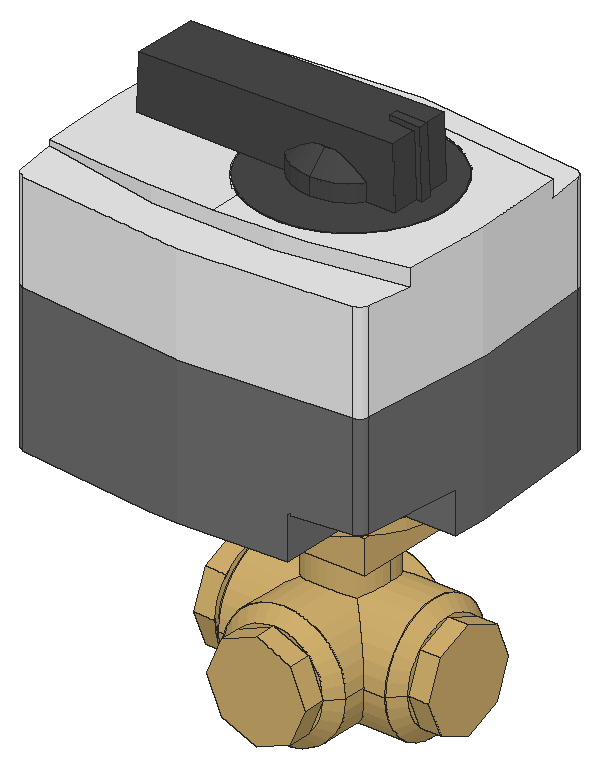
Revit family "AMZ 113_DN15-32_RFA", category Pipe Accessories, Revit 2019
Family settings
  Round Connector Dimension = Use Diameter
  Part Type = Valve - Breaks Into
  OmniClass Number = 23.65.55.14.17
  OmniClass Title = Adjusting/Controlling Valves for Liquid Services
  Work Plane-Based = No
  Always vertical = Yes
  Cut with Voids When Loaded = No
  Shared = No
Parameters (values of type "AMZ 113_DN15_24V_082G5412")
  Weight = 1.16 kg
  nut_length = 27.10 mm
  WS2 = -WS1  # -18.50 mm
  WS1 = 18.50 mm
  W3 = 3.50 mm
  W4 = 4.00 mm
  W2 = 13.20 mm
  nut_depth2 = 6.00 mm
  W1 = 26.40 mm
  W [instance] = 84.00 mm
  Voltage = if(or(AMZ Actuator = [082G1638]), 230 V, if(or(AMZ Actuator = [082G1637], AMZ Actuator = [082G1638]), 24 V, 230 V))  # 24 V
  Valve Body Material = Danfoss Copper Alloy
  URL = "https://store.danfoss.com/en/Climate-Solutions-for-heating/Motorised-Control-Valves/On-off-Motorised-Zone-Valves/c/4103?q=%3Arelevance%3Adanfoss_producttypehierarchydesc%3AAMZ+113&page=0&pageSize=10"
  RV3 = 9.063 mm
  RN1 = 13.53 mm
  RV2 = 17.00 mm
  RV1 = 13.53 mm
  R1 = 11.00 mm
  Pressure Drop [instance] = 0.0 bar
  Power Supply = "24 VAC"
  Power Consumption = "3.5 VA"  # constant formula
  Power = 3.5 VA  # constant formula
  Nominal Flow (Text) = "PN 40"  # constant formula
  Model Type = "AMZ 113_DN15_24V"
  Model = "082G5412"
  Min Medium Temperature = "2 °C"  # constant formula
  Max Operating Pressure = "6 bar"  # constant formula
  Max Medium Temperature = "130 °C"  # constant formula
  Manufacturer = "Danfoss"  # constant formula
  LS = 37.00 mm
  LOD 350 = not(LOD 200)  # yes
  LOD 200 = no
  Length = 64.50 mm
  L1 = 3.50 mm
  nut_depth1 = 5.75 mm
  L [instance] = 64.50 mm
  Kvs = 4.3 m³/h
  IfcExportType = "AMZ 113"  # constant formula
  IfcExportAs = "IfcValveType"  # constant formula
  HS = 9.00 mm
  HA [instance] = 132.185 mm
  H2 = H1 - HS  # 29.00 mm
  H1 = 38.00 mm
  H [instance] = 149.185 mm
  Flow [instance] = 0.0 m³/h
  Description = "Motorized Control Valve"  # constant formula
  D = 15.00 mm
  connector diameter = RN1 * 2  # 27.06 mm
  Connection = "Internal thread"  # constant formula
  AMZ Actuator = AMZ Actuator_RFA : AMZ 112/113 Actuator_24V_082G1637
  082G1638 = AMZ Actuator_RFA : AMZ 112/113 Actuator_230V_082G1638
  082G1637 = AMZ Actuator_RFA : AMZ 112/113 Actuator_24V_082G1637
Types (9, lengths in mm): name | Weight | nut_length | WS2 | WS1 | W3 | W4 | W2 | nut_depth2 | W1 | Voltage | RV3 | RN1 | RV2 | RV1 | R1 | Power Supply | Model Type | Model | LS | Length | L1 | nut_depth1 | L | Kvs | HS | HA | H2 | H1 | H | D | connector diameter | AMZ Actuator
  (no name) | 1.16 kg | 27.10 | -18.50 | 18.50 | 3.50 | 4.00 | 13.20 | 6.00 | 26.40 | 24 V | 9.063 | 13.53 | 17.00 | 13.53 | 11.00 | "24 VAC" | "AMZ 113_DN15_24V" | "082G5412" | 37.00 | 64.50 | 3.50 | 5.75 | 64.50 | 4.3 m³/h | 9.00 | 132.185 | 29.00 | 38.00 | 149.185 | 15.00 | 27.06 | AMZ Actuator_RFA : AMZ 112/113 Actuator_24V_082G1637
  AMZ 113_DN15_230V_082G5418 | 1.16 kg | 27.10 | -18.50 | 18.50 | 3.50 | 4.00 | 13.20 | 6.00 | 26.40 | 230 V | 9.063 | 13.53 | 17.00 | 13.53 | 11.00 | "230 VAC" | "AMZ 113_DN15_230V" | "082G5418" | 37.00 | 64.50 | 3.50 | 5.75 | 64.50 | 4.3 m³/h | 9.00 | 132.185 | 29.00 | 38.00 | 149.185 | 15.00 | 27.06 | AMZ Actuator_RFA : AMZ 112/113 Actuator_230V_082G1638
  AMZ 113_DN20_230V_082G5419 | 1.42 kg | 34.00 | -18.60 | 18.60 | 3.50 | 4.00 | 17.20 | 9.50 | 28.50 | 230 V | 9.063 | 17.00 | 21.00 | 17.20 | 11.00 | "230 VAC" | "AMZ 113_DN20_230V" | "082G5419" | 37.00 | 76.00 | 3.00 | 9.50 | 76.00 | 8.3 m³/h | 9.00 | 136.185 | 33.00 | 42.00 | 157.185 | 20.00 | 34.00 | AMZ Actuator_RFA : AMZ 112/113 Actuator_230V_082G1638
  AMZ 113_DN25_230V_082G5420 | 1.91 kg | 44.38 | -21.00 | 21.00 | 3.00 | 6.00 | 20.10 | 12.50 | 35.50 | 230 V | 14.00 | 22.19 | 26.00 | 23.00 | 11.50 | "230 VAC" | "AMZ 113_DN25_230V" | "082G5420" | 42.00 | 97.00 | 3.00 | 12.00 | 97.00 | 13.0 m³/h | 9.50 | 141.185 | 37.50 | 47.00 | 167.185 | 25.00 | 44.38 | AMZ Actuator_RFA : AMZ 112/113 Actuator_230V_082G1638
  AMZ 113_DN32_230V_082G5421 | 3.71 kg | 60.00 | -21.00 | 21.00 | 3.00 | 7.60 | 23.50 | 11.00 | 48.00 | 230 V | 15.00 | 30.00 | 31.00 | 28.00 | 11.50 | "230 VAC" | "AMZ 113_DN32_230V" | "082G5421" | 42.00 | 118.00 | 3.00 | 11.00 | 118.00 | 21.0 m³/h | 10.00 | 155.435 | 51.25 | 61.25 | 186.435 | 32.00 | 60.00 | AMZ Actuator_RFA : AMZ 112/113 Actuator_230V_082G1638
  AMZ 113_DN15_24V_082G5412 | 1.16 kg | 27.10 | -18.50 | 18.50 | 3.50 | 4.00 | 13.20 | 6.00 | 26.40 | 24 V | 9.063 | 13.53 | 17.00 | 13.53 | 11.00 | "24 VAC" | "AMZ 113_DN15_24V" | "082G5412" | 37.00 | 64.50 | 3.50 | 5.75 | 64.50 | 4.3 m³/h | 9.00 | 132.185 | 29.00 | 38.00 | 149.185 | 15.00 | 27.06 | AMZ Actuator_RFA : AMZ 112/113 Actuator_24V_082G1637
  AMZ 113_DN20_24V_082G5413 | 1.42 kg | 34.00 | -18.60 | 18.60 | 3.50 | 4.00 | 17.20 | 9.50 | 28.50 | 24 V | 9.063 | 17.00 | 21.00 | 17.20 | 11.00 | "24 VAC" | "AMZ 113_DN20_24V" | "082G5413" | 37.00 | 76.00 | 3.00 | 9.50 | 76.00 | 8.3 m³/h | 9.00 | 136.185 | 33.00 | 42.00 | 157.185 | 20.00 | 34.00 | AMZ Actuator_RFA : AMZ 112/113 Actuator_24V_082G1637
  AMZ 113_DN25_24V_082G5414 | 1.91 kg | 44.38 | -21.00 | 21.00 | 3.00 | 6.00 | 20.10 | 12.50 | 35.50 | 24 V | 14.00 | 22.19 | 26.00 | 23.00 | 11.50 | "24 VAC" | "AMZ 113_DN25_24V" | "082G5414" | 42.00 | 97.00 | 3.00 | 12.00 | 97.00 | 13.0 m³/h | 9.50 | 141.185 | 37.50 | 47.00 | 167.185 | 25.00 | 44.38 | AMZ Actuator_RFA : AMZ 112/113 Actuator_24V_082G1637
  AMZ 113_DN32_24V_082G5415 | 3.71 kg | 60.00 | -21.00 | 21.00 | 3.00 | 7.60 | 23.50 | 11.00 | 48.00 | 24 V | 15.00 | 30.00 | 31.00 | 28.00 | 11.50 | "24 VAC" | "AMZ 113_DN32_24V" | "082G5415" | 42.00 | 118.00 | 3.00 | 11.00 | 118.00 | 21.0 m³/h | 10.00 | 155.435 | 51.25 | 61.25 | 186.435 | 32.00 | 60.00 | AMZ Actuator_RFA : AMZ 112/113 Actuator_24V_082G1637
Reference planes
  plane 1 "Center (Front/Back)": y = 0
  plane 2: z = 0
  plane 3 "Center (Left/Right)": x = 0
  plane 4: x = 32.25
  plane 5 "Y2": x = -32.25
  plane 6: z = 38
  plane 7 "Y3": x = -26.5
  plane 8 "Y1": x = 26.5
  plane 9: x = -23
  plane 10: x = 23
  plane 11: z = -17
  plane 12: y = 42
  plane 13: y = -42
  plane 14: through (0, 0, 0) normal (0, -0.7071, 0.7071)
  plane 15: through (0, 0, 0) normal (0, 0.7071, 0.7071)
  plane 16: y = -26.4
  plane 17: y = -32.4
  plane 18: y = -22.9
  plane 19: through (0, -1524, 0) normal (-0.7071, 0, 0.7071)
  plane 20: through (0, -1524, 0) normal (0.7071, 0, 0.7071)
  plane 21: z = 29
  plane 22: y = 13.2
  plane 23: y = 17.2
Forms (mm)
  Revolve 1, solid, material "Danfoss Copper Alloy" <- "Valve Body Material", visible <- "LOD 200", detail levels fine
    sketch origin (0, 0, 0) x (1, 0, 0) y (0, 0, 1)
      loop
        line (-32.25, 0) -> (32.25, 0) -> (32.25, 13.53) -> (26.5, 13.53) -> (26.5, 17) -> (-26.5, 17) -> (-26.5, 13.53) -> (-32.25, 13.53) -> (-32.25, 0)
      axis (-32.25, 0) -> (32.25, 0)
    angle from 0 to 360
  Revolve 2, solid, material "Danfoss Copper Alloy" <- "Valve Body Material", detail levels fine
    sketch origin (0, 0, 0) x (1, 0, 0) y (0, 0, 1)
      loop
        line (0, 29) -> (0, 0) -> (11, 0) -> (11, 29) -> (0, 29)
      axis (0, 29) -> (0, 0)
    angle from 0 to 360
  Extrusion 3, solid, material "Danfoss Copper Alloy" <- "Valve Body Material", visible <- "LOD 350", detail levels fine
    sketch origin (0, 0, 0) x (0, 1, 0) y (0, 0, 1)
      loop
        circle (0, 0) r 17
    from -23 to 23
  Blend 4, solid, material "Danfoss Copper Alloy" <- "Valve Body Material", visible <- "LOD 350", detail levels fine
    base sketch origin (0, 0, 0) x (0, 1, 0) y (0, 0, 1)
      loop
        circle (0, 0) r 17
    top sketch origin (0, 0, 0) x (0, 1, 0) y (0, 0, 1)
      loop
        circle (0, 0) r 13.53
    from 23 to 26.5
  Blend 5, solid, material "Danfoss Copper Alloy" <- "Valve Body Material", visible <- "LOD 350", detail levels fine
    base sketch origin (0, 0, 0) x (0, 1, 0) y (0, 0, -1)
      loop
        circle (0, 0) r 17
    top sketch origin (0, 0, 0) x (0, 1, 0) y (0, 0, -1)
      loop
        circle (0, 0) r 13.53
    from 23 to 26.5
  Extrusion 6, solid, material "Danfoss Copper Alloy" <- "Valve Body Material", detail levels fine
    sketch origin (0, 0, 0) x (1, 0, 0) y (0, 0, 1)
      loop
        line (-18.5, 38) -> (-18.5, 29) -> (18.5, 29) -> (18.5, 38) -> (-18.5, 38)
    from -18.5 <- "WS2" to 18.5 <- "WS1"
  Extrusion 7, solid, material "Danfoss Copper Alloy" <- "Valve Body Material", visible <- "LOD 350", detail levels fine
    sketch origin (0, 0, 0) x (0, 1, 0) y (0, 0, 1)
      loop
        line (0, 13.55) -> (-9.581, 9.581) -> (-13.55, 0) -> (-9.581, -9.581) -> (0, -13.55) -> (9.581, -9.581) -> (13.55, 0) -> (9.581, 9.581) -> (0, 13.55)
    from 26.5 to 32.25
  Extrusion 8, solid, material "Danfoss Copper Alloy" <- "Valve Body Material", visible <- "LOD 350", detail levels fine
    sketch origin (0, 0, 0) x (0, 1, 0) y (0, 0, 1)
      loop
        line (0, 13.55) -> (-9.581, 9.581) -> (-13.55, 0) -> (-9.581, -9.581) -> (0, -13.55) -> (9.581, -9.581) -> (13.55, 0) -> (9.581, 9.581) -> (0, 13.55)
    from -32.25 to -26.5
  Extrusion 9, solid, material "Danfoss Copper Alloy" <- "Valve Body Material", visible <- "LOD 350", detail levels fine
    sketch origin (0, 0, 0) x (1, 0, 0) y (0, 0, 1)
      loop
        circle (0, 0) r 17
    from -13.2 to 22.9
  Blend 10, solid, material "Danfoss Copper Alloy" <- "Valve Body Material", visible <- "LOD 350", detail levels fine
    base sketch origin (0, 0, 0) x (1, 0, 0) y (0, 0, 1)
      loop
        circle (0, 0) r 17
    top sketch origin (0, 0, 0) x (1, 0, 0) y (0, 0, 1)
      loop
        circle (0, 0) r 13.53
    from 22.9 to 26.4
  Extrusion 11, solid, material "Danfoss Copper Alloy" <- "Valve Body Material", visible <- "LOD 350", detail levels fine
    sketch origin (0, 0, 0) x (1, 0, 0) y (0, 0, 1)
      loop
        line (0, 13.55) -> (-9.581, 9.581) -> (-13.55, 0) -> (-9.581, -9.581) -> (0, -13.55) -> (9.581, -9.581) -> (13.55, 0) -> (9.581, 9.581) -> (0, 13.55)
    from 26.4 to 32.4
  Blend 12, solid, material "Danfoss Copper Alloy" <- "Valve Body Material", visible <- "LOD 350", detail levels fine
    base sketch origin (0, 0, 0) x (1, 0, 0) y (0, 0, 1)
      loop
        circle (0, 0) r 17
    top sketch origin (0, 0, 0) x (1, 0, 0) y (0, 0, 1)
      loop
        circle (0, 0) r 9.063
    from -13.2 to -17.2
  Revolve 13, solid, material "Danfoss Copper Alloy" <- "Valve Body Material", visible <- "LOD 200", detail levels fine
    sketch origin (0, 0, 0) x (0, 1, 0) y (0, 0, 1)
      loop
        line (17.2, 0) -> (17.2, 17) -> (-26.4, 17) -> (-26.4, 13.53) -> (-32.4, 13.53) -> (-32.4, 0) -> (17.2, 0)
      axis (17.2, 0) -> (-32.4, 0)
    angle from 0 to 360
Dimensions and locks
  "RN1": Revolve 1 sketch curve to level  (x2)
  "RV2": Revolve 1 sketch curve to level
  "H1": plane 6 to level
  "R1": Revolve 2 sketch curve to plane 3 "Center (Left/Right)"
  "Length": plane 4 to plane 5 "Y2"
  equal spacing: plane 4, plane 3 "Center (Left/Right)", plane 5 "Y2"
  "nut_depth1": plane 7 "Y3" to plane 5 "Y2"
  "nut_depth1": plane 8 "Y1" to plane 4
  "LS": Extrusion 6 sketch curve to Extrusion 6 sketch curve
  equal spacing: Extrusion 6 sketch curve, plane 3 "Center (Left/Right)", Extrusion 6 sketch curve
  "RV2": level to plane 11
  equal spacing: plane 12, plane 1 "Center (Front/Back)", plane 13
  "W": plane 12 to plane 13
  "L1": plane 9 to plane 7 "Y3"
  "L1": plane 8 "Y1" to plane 10
  "nut_length": Extrusion 7 sketch curve to Extrusion 7 sketch curve  (x4)
  equal spacing: Extrusion 7 sketch curve, level, Extrusion 7 sketch curve
  equal spacing: Extrusion 7 sketch curve, plane 14, Extrusion 7 sketch curve
  equal spacing: Extrusion 7 sketch curve, plane 1 "Center (Front/Back)", Extrusion 7 sketch curve
  equal spacing: Extrusion 7 sketch curve, plane 15, Extrusion 7 sketch curve
  "nut_length": Extrusion 8 sketch curve to Extrusion 8 sketch curve  (x4)
  equal spacing: Extrusion 8 sketch curve, level, Extrusion 8 sketch curve
  equal spacing: Extrusion 8 sketch curve, plane 14, Extrusion 8 sketch curve
  equal spacing: Extrusion 8 sketch curve, plane 15, Extrusion 8 sketch curve
  equal spacing: Extrusion 8 sketch curve, plane 1 "Center (Front/Back)", Extrusion 8 sketch curve
  "L": plane 5 "Y2" to plane 4
  "H": nested 1 to plane 11
  "W1": plane 1 "Center (Front/Back)" to plane 16
  "nut_depth2": plane 16 to plane 17
  "W3": plane 18 to plane 16
  "nut_length": Extrusion 11 sketch curve to Extrusion 11 sketch curve  (x4)
  equal spacing: Extrusion 11 sketch curve, plane 3 "Center (Left/Right)", Extrusion 11 sketch curve
  equal spacing: Extrusion 11 sketch curve, level, Extrusion 11 sketch curve
  equal spacing: Extrusion 11 sketch curve, plane 19, Extrusion 11 sketch curve
  equal spacing: Extrusion 11 sketch curve, plane 20, Extrusion 11 sketch curve
  "HS": plane 6 to plane 21
  "W2": plane 22 to plane 1 "Center (Front/Back)"
  "W4": plane 23 to plane 22
  "HA": nested 1 to level
  "RV2": Revolve 13 sketch curve to level
  "RN1": Revolve 13 sketch curve to level
  Extrusion 11 to level = 13.55 mm
  "RV2": radius of Extrusion 3 sketch curve
  "RV2": radius of Blend 4 sketch curve
  "RV1": radius of Blend 4 sketch curve
  "RV2": radius of Blend 5 sketch curve
  "RV1": radius of Blend 5 sketch curve
  "RV2": radius of Extrusion 9 sketch curve
  "RV2": radius of Blend 10 sketch curve
  "RV1": radius of Blend 10 sketch curve
  "RV2": radius of Blend 12 sketch curve
  "RV3": radius of Blend 12 sketch curve
  locked: plane 14 to level (angle 45.00°)
  locked: level to plane 15 (angle 45.00°)
  locked: level to plane 19 (angle 45.00°)
  locked: plane 20 to level (angle 45.00°)
  aligned and locked: level to plane 2
  aligned and locked: Revolve 1 sketch curve to level  (x2)
  aligned and locked: Revolve 1 sketch curve to plane 4
  aligned and locked: plane 5 "Y2" to Revolve 1 sketch curve
  aligned and locked: Revolve 2 sketch curve to plane 3 "Center (Left/Right)"  (x2)
  aligned and locked: Revolve 2 sketch curve to level
  aligned and locked: plane 1 "Center (Front/Back)" to Extrusion 3 sketch curve
  aligned and locked: level to Extrusion 3 sketch curve
  aligned and locked: Blend 4 to plane 8 "Y1"
  aligned and locked: Blend 4 to plane 10
  aligned and locked: plane 9 to Blend 5
  aligned and locked: plane 7 "Y3" to Blend 5
  aligned and locked: level to Blend 5 sketch curve  (x2)
  aligned and locked: plane 1 "Center (Front/Back)" to Blend 5 sketch curve  (x2)
  aligned and locked: plane 1 "Center (Front/Back)" to Blend 4 sketch curve  (x2)
  aligned and locked: level to Blend 4 sketch curve  (x2)
  aligned and locked: Extrusion 6 sketch curve to plane 6
  aligned and locked: Extrusion 6 to Revolve 2 sketch curve
  aligned and locked: plane 3 "Center (Left/Right)" to nested 1
  aligned and locked: plane 6 to nested 1
  aligned and locked: plane 1 "Center (Front/Back)" to nested 1
  aligned and locked: Extrusion 3 to plane 9
  aligned and locked: plane 10 to Extrusion 3
  aligned and locked: plane 8 "Y1" to Extrusion 7
  aligned and locked: plane 4 to Extrusion 7
  aligned and locked: Extrusion 8 to plane 5 "Y2"
  aligned and locked: Extrusion 8 to plane 7 "Y3"
  aligned and locked: Revolve 1 sketch curve to plane 7 "Y3"
  aligned and locked: Revolve 1 sketch curve to plane 8 "Y1"
  aligned and locked: plane 18 to Extrusion 9
  aligned and locked: plane 16 to Blend 10
  aligned and locked: Blend 10 to plane 18
  aligned and locked: Extrusion 11 to plane 16
  aligned and locked: plane 17 to Extrusion 11
  aligned and locked: Extrusion 9 to plane 22
  aligned and locked: plane 22 to Blend 12
  aligned and locked: Blend 12 to plane 23
  aligned and locked: level to Revolve 13 sketch curve
  aligned and locked: plane 23 to Revolve 13 sketch curve
  aligned and locked: plane 16 to Revolve 13 sketch curve
  aligned and locked: plane 17 to Revolve 13 sketch curve
  aligned and locked: Revolve 13 sketch curve to level
  aligned and locked: plane 3 "Center (Left/Right)" to nested 2  (x2)
  aligned and locked: plane 1 "Center (Front/Back)" to nested 2
Automatic sketch dimensions
  Revolve 1 sketch curve to plane 5 "Y2" = 1296.99 mm
  plane 4 to Revolve 1 sketch curve = 1843.983 mm
  Revolve 2 sketch curve to plane 11 = 323.545 mm
  plane 6 to Revolve 2 sketch curve = 2184.915 mm
  Extrusion 6 sketch curve to plane 21 = 0.00 mm
  Extrusion 7 sketch curve to plane 15 = 0.00 mm
  Extrusion 7 sketch curve to plane 14 = 0.00 mm
  Extrusion 7 sketch curve to plane 1 "Center (Front/Back)" = 0.00 mm  (x2)
  plane 15 to Extrusion 7 sketch curve = 0.00 mm
  plane 14 to Extrusion 7 sketch curve = 0.00 mm
  Extrusion 7 sketch curve to level = 0.00 mm  (x2)
  Extrusion 8 sketch curve to plane 15 = 0.00 mm
  Extrusion 8 sketch curve to plane 14 = 0.00 mm
  Extrusion 8 sketch curve to plane 1 "Center (Front/Back)" = 0.00 mm  (x2)
  plane 15 to Extrusion 8 sketch curve = 0.00 mm
  plane 14 to Extrusion 8 sketch curve = 0.00 mm
  Extrusion 8 sketch curve to level = 0.00 mm  (x2)
  Extrusion 9 sketch curve to level = 0.00 mm
  Extrusion 9 sketch curve to plane 3 "Center (Left/Right)" = 0.00 mm
  Blend 10 sketch curve to level = 0.00 mm  (x2)
  Blend 10 sketch curve to plane 3 "Center (Left/Right)" = 0.00 mm  (x2)
  Extrusion 11 sketch curve to plane 20 = 0.00 mm  (x2)
  plane 19 to Extrusion 11 sketch curve = 0.00 mm  (x2)
  Extrusion 11 sketch curve to plane 3 "Center (Left/Right)" = 0.00 mm  (x2)
  Extrusion 11 sketch curve to level = 0.00 mm  (x2)
  Blend 12 sketch curve to level = 0.00 mm  (x2)
  Blend 12 sketch curve to plane 3 "Center (Left/Right)" = 0.00 mm  (x2)
  Revolve 13 sketch curve to plane 13 = 2634.116 mm
  plane 12 to Revolve 13 sketch curve = 1400.421 mm
Nested families
  nested 1: "AMZ Actuator_RFA" at (0, 0, 38), Voltage <- "Voltage", Power <- "Power", LOD 200 <- "LOD 200", type <- "AMZ Actuator", type "AMZ 112/113 Actuator_24V_082G1637", detail levels fine
    with Voltage 24 V, Power 3.5 VA, LOD 350 yes, LOD 200 no
  nested 2: "Schematic_3-way Motorized Control Valve" at (0, 0, 0), type "Schematic_3-way Motorized Control Valve", detail levels coarse+medium
Connectors
  electrical at (0, 0, 0), driven by "Voltage", driven by "Power"
    settings: index 1, voltage 24 V, apparent load 0 VA, apparent load phase1 3.5 VA, apparent load phase2 0 VA, apparent load phase3 0 VA, power factor 0.95, load classification "HVAC", number of poles 1, system type 31, power factor state 1, is connector primary yes, connector utility no, sub classification motor no, connector description ""
  piping at (32.25, 0, 0), diameter 15, driven by "D", driven by "Flow"
    settings: on Extrusion 7, index 2, connector inside diameter 609.6 mm, connector length 0.00 mm, flow factor 0, pipe flow 0.0 m³/h, pressure drop 0.0 bar, fitting loss kfactor 0, connector angle 0.00°, fixture units 0, engagement length 0.00 mm, angle of deflection 0.00°, flow configuration 0, flow direction 0, fitting loss method 0, system type 29, joint type 0, gender type 0, connector reference index 3, connector utility 0, adjustable connector no, is connector primary no, connector description ""
  piping at (-32.25, 0, 0), diameter 15, driven by "D", driven by "Flow"
    settings: on Extrusion 8, index 3, connector inside diameter 609.6 mm, connector length 0.00 mm, flow factor 0, pipe flow 0.0 m³/h, pressure drop 0.0 bar, fitting loss kfactor 0, connector angle 0.00°, fixture units 0, engagement length 0.00 mm, angle of deflection 0.00°, flow configuration 0, flow direction 0, fitting loss method 0, system type 29, joint type 0, gender type 0, connector reference index 2, connector utility 0, adjustable connector no, is connector primary yes, connector description ""
  piping at (0, -32.4, 0), diameter 15, driven by "D", driven by "Flow"
    settings: on Extrusion 11, index 4, connector inside diameter 609.6 mm, connector length 0.00 mm, flow factor 0, pipe flow 0.0 m³/h, pressure drop 0.0 bar, fitting loss kfactor 0, connector angle 0.00°, fixture units 0, engagement length 0.00 mm, angle of deflection 0.00°, flow configuration 0, flow direction 0, fitting loss method 0, system type 29, joint type 0, gender type 0, connector reference index -1, connector utility 0, adjustable connector no, is connector primary no, connector description ""
Definition of nested family "AMZ Actuator_RFA"
  Parameters (values of type "AMZ 112/113 Actuator_230V_082G1638")
    Weight = 0.90 kg  # constant formula
    W [instance] = 84.00 mm
    Voltage [instance] = 230 V
    URL = "https://store.danfoss.com/en/Climate-Solutions-for-heating/Motorised-Control-Valves/Actuators-for-Globe-Valves/Accessories-for-actuators/c/4112?q=%3Arelevance%3Adanfoss_producttypehierarchydesc%3ANon-standard+Accesories+-+Electr+Act&text="
    Speed = "30 / 60 sec/90°"  # constant formula
    Power Supply = "230 VAC"
    Power Consumption = "3.5 VA"  # constant formula
    Power [instance] = 3.5 VA  # constant formula
    Operating Torque = "5 / 10 / 15 Nm"  # constant formula
    Model Type = "AMZ 112/113 Actuator_230V"
    Model = "082G1638"
    Min Ambient Temperature = "0 °C"  # constant formula
    Max Medium Temperature = "110 °C"  # constant formula
    Max Ambient Temperature = "50 °C"  # constant formula
    Manufacturer = "Danfoss"  # constant formula
    LOD 350 [instance] = not(LOD 200)  # yes
    LOD 200 [instance] = no
    L [instance] = 101.00 mm
    IfcExportType = "AMZ Actuator"  # constant formula
    IfcExportAs = "IfcActuatorType"  # constant formula
    H [instance] = 94.185 mm
    Description = "Gear Actuator"  # constant formula
    Control Input Signal = "2-point"  # constant formula
    Body Material = none
  Types (2, lengths in mm): name | Voltage | Power Supply | Model Type | Model
    AMZ 112/113 Actuator_24V_082G1637 | 24 V | "24 VAC" | "AMZ 112/113 Actuator_24V" | "082G1637"
    AMZ 112/113 Actuator_230V_082G1638 | 230 V | "230 VAC" | "AMZ 112/113 Actuator_230V" | "082G1638"
  Reference planes
    plane 1 "Center (Front/Back)": y = 0
    plane 2: z = 0
    plane 3 "Center (Left/Right)": x = 0
    plane 4: z = 3
    plane 5: y = -41.931
    plane 6: y = 42.069
    plane 7: x = 36.5
    plane 8: x = -64.5
    plane 9: y = 36.069
    plane 10: x = 30.5
    plane 11: x = -61.5
    plane 12: x = 33.5
    plane 13: y = 39.069
    plane 14: y = -38.931
    plane 15: x = -58.5
    plane 16: y = -35.931
    plane 17: x = -14
    plane 18: z = 43
    plane 19: y = 36.069
    plane 20: x = 160.5
    plane 21: x = 68.5
    plane 22: x = 163.5
    plane 23: y = 39.069
    plane 24: y = -38.931
    plane 25: x = 71.5
    plane 26: y = -35.931
    plane 27: x = 116
    plane 28: z = 74.972
    plane 29: y = -9.5
    plane 30: z = 94.185
  Forms (mm)
    Revolve 1, solid, detail levels fine
      sketch origin (0, 0, 0) x (1, 0, 0) y (0, 0, 1)
        loop
          line (0, 3) -> (0, 0) -> (24.993, 0) -> (24.993, 3) -> (0, 3)
        axis (0, 3) -> (0, 0)
      angle from 0 to 360
    Extrusion 2, solid, visible <- "LOD 350", detail levels fine
      sketch origin (0, 0, 0) x (1, 0, 0) y (0, 0, 1)
        loop
          line (-51.913, 76) -> (18.847, 76) -> (18.304, 92.724)
          arc (18.304, 92.724) -> (-16.442, 92.774) -> (-51.134, 90.849) r 611.014
          line (-51.134, 90.849) -> (-51.913, 76)
      from -9.091 to 8.652
    Extrusion 3, solid, visible <- "LOD 350", detail levels fine
      sketch origin (0, 0, 0) x (1, 0, 0) y (0, 0, 1)
        loop
          line (18.304, 92.724) -> (18.847, 76) -> (20.557, 76) -> (19.789, 93.9) -> (11.632, 94.185) -> (11.632, 92.887)
          arc (11.632, 92.887) -> (14.968, 92.815) -> (18.304, 92.724) r 611.014
      from -1.24 to 1.241
    Extrusion 4, solid, material <- "Body Material", visible <- "LOD 350", detail levels fine
      sketch origin (0, 0, 0) x (1, 0, 0) y (0, 1, 0)
        loop
          arc (-59.389, 38.075) -> (-61.013, 37.216) -> (-61.831, 35.571) r 3
          arc (-61.831, 35.571) -> (-64.511, 0) -> (-61.831, -35.571) r 237.436
          arc (-61.831, -35.571) -> (-61.013, -37.216) -> (-59.389, -38.075) r 3
          arc (-59.389, -38.075) -> (-14.052, -42.151) -> (31.314, -38.419) r 265.38
          arc (31.314, -38.419) -> (32.951, -37.564) -> (33.778, -35.913) r 3
          arc (33.778, -35.913) -> (36.5, -0.174) -> (33.83, 35.57) r 238.281
          arc (33.83, 35.57) -> (33.012, 37.216) -> (31.388, 38.076) r 3
          arc (31.388, 38.076) -> (-14.001, 42.069) -> (-59.389, 38.075) r 259.947
      from 3 to 43
    Extrusion 5, solid, visible <- "LOD 350", detail levels fine
      sketch origin (130, 0, 0) x (1, 0, 0) y (0, 1, 0)
        loop
          arc (-189.389, 38.075) -> (-191.013, 37.216) -> (-191.831, 35.571) r 3
          arc (-191.831, 35.571) -> (-194.511, 0) -> (-191.831, -35.571) r 237.436
          arc (-191.831, -35.571) -> (-191.013, -37.216) -> (-189.389, -38.075) r 3
          arc (-189.389, -38.075) -> (-144.052, -42.151) -> (-98.686, -38.419) r 265.38
          arc (-98.686, -38.419) -> (-97.049, -37.564) -> (-96.222, -35.913) r 3
          arc (-96.222, -35.913) -> (-93.5, -0.174) -> (-96.17, 35.57) r 238.281
          arc (-96.17, 35.57) -> (-96.988, 37.216) -> (-98.612, 38.076) r 3
          arc (-98.612, 38.076) -> (-144.001, 42.069) -> (-189.389, 38.075) r 259.947
      from 43 to 79.57
    Extrusion 6, void
      sketch origin (0, 0, 0) x (1, 0, 0) y (0, 1, 0)
        loop
          arc (-61.831, 35.571) -> (-62.54, 30.529) -> (-63.14, 25.473) r 237.436
          arc (-63.14, 25.473) -> (-14.003, 29.568) -> (35.135, 25.473) r 296.829
          arc (35.135, 25.473) -> (34.536, 30.528) -> (33.83, 35.57) r 238.281
          arc (33.83, 35.57) -> (33.012, 37.216) -> (31.388, 38.076) r 3
          arc (31.388, 38.076) -> (-14.001, 42.069) -> (-59.389, 38.075) r 259.947
          arc (-59.389, 38.075) -> (-61.013, 37.216) -> (-61.831, 35.571) r 3
      from 70.3 to 80.3
    Extrusion 7, void
      sketch origin (0, 0, 0) x (1, 0, 0) y (0, 0, 1)
        loop
          line (-64.511, 43) -> (-64.511, 71.589)
          arc (-64.511, 71.589) -> (-39.061, 74.125) -> (-13.5, 74.972) r 386.286
          line (-13.5, 74.972) -> (36.5, 74.972) -> (36.5, 43) -> (41.5, 43) -> (41.5, 101.008) -> (-69.523, 101.008) -> (-69.523, 43) -> (-64.511, 43)
      from -62.358 to 46.308
    Extrusion 8, void
      sketch origin (0, 0, 0) x (1, 0, 0) y (0, 1, 0)
        loop
          line (-64.592, -23.625) -> (-62.779, -37.97)
          arc (-62.779, -37.97) -> (-14.187, -43.401) -> (34.407, -37.976) r 220.211
          line (34.407, -37.976) -> (36.595, -23.622)
          arc (36.595, -23.622) -> (-13.998, -30.547) -> (-64.592, -23.625) r 188.309
      from 70.3 to 82.3
    Revolve 9, solid, visible <- "LOD 350", detail levels fine
      sketch origin (0, 0, 0) x (0, 1, 0) y (0, 0, 1)
        loop
          line (0, 85.755) -> (0, 74.972) -> (10.185, 74.972) -> (10.185, 75.972) -> (14.169, 75.972) -> (14.169, 80.594) -> (9.007, 85.755) -> (0, 85.755)
        axis (0, 85.755) -> (0, 74.972)
      angle from 0 to 360
    Extrusion 10, solid, visible <- "LOD 350", detail levels fine
      sketch origin (0, 0, 0) x (1, 0, 0) y (0, 1, 0)
        loop
          circle (0, 0) r 25.661
      from 43 to 74.972
    Extrusion 11, void
      sketch origin (0, 0, 0) x (1, 0, 0) y (0, 0, 1)
        loop
          line (15.14, 3) -> (36.5, 3) -> (36.5, 14.359) -> (15.14, 14.359) -> (15.14, 3)
      from 9.5 to 49.81
    Extrusion 12, void
      sketch origin (0, 0, 0) x (1, 0, 0) y (0, 1, 0)
        loop
          circle (0, 0) r 26
      from 74.8 to 81.069
    Extrusion 13, solid, material <- "Body Material", visible <- "LOD 200", detail levels fine
      sketch origin (0, 0, 0) x (1, 0, 0) y (0, 1, 0)
        loop
          line (-64.5, 42.069) -> (-64.5, -41.931) -> (36.5, -41.931) -> (36.5, 42.069) -> (-64.5, 42.069)
      from 3 to 43
    Extrusion 14, solid, visible <- "LOD 200", detail levels fine
      sketch origin (0, 0, 0) x (1, 0, 0) y (0, 1, 0)
        loop
          line (-64.5, 42.069) -> (-64.5, -41.931) -> (36.5, -41.931) -> (36.5, 42.069) -> (-64.5, 42.069)
      from 43 to 74.972
    Extrusion 15, solid, visible <- "LOD 200", detail levels fine
      sketch origin (0, 0, 0) x (1, 0, 0) y (0, 1, 0)
        loop
          circle (0, 0) r 25.661
      from 74.972 to 76
    Extrusion 16, solid, visible <- "LOD 200", detail levels fine
      sketch origin (0, 0, 0) x (1, 0, 0) y (0, 0, 1)
        loop
          line (-51.913, 76) -> (20.557, 76) -> (20.557, 93.689) -> (-51.913, 93.689) -> (-51.913, 76)
      from -9.09 to 8.65
  Cuts and joins
    Extrusion 6, Extrusion 7, Extrusion 8, Extrusion 12 cuts Extrusion 5
    Extrusion 11, Extrusion 12 cuts Extrusion 4
    Extrusion 12 cuts Revolve 1
  Dimensions and locks
    Revolve 1 sketch curve to plane 3 "Center (Left/Right)" = 24.993 mm
    "W": plane 6 to plane 5
    "L": plane 7 to plane 8
    locked: plane 18 to level at 43
    locked: plane 29 to plane 1 "Center (Front/Back)" at 9.5
    "H": plane 30 to level
    plane 6 to plane 5 = 84.00 mm
    radius of Extrusion 5 sketch curve = 238.281 mm
    radius of Extrusion 5 sketch curve = 237.436 mm
    radius of Extrusion 5 sketch curve = 265.38 mm
    radius of Extrusion 5 sketch curve = 259.947 mm
    radius of Extrusion 4 sketch curve = 265.38 mm
    radius of Extrusion 4 sketch curve = 259.947 mm
    radius of Extrusion 4 sketch curve = 237.436 mm
    radius of Extrusion 4 sketch curve = 238.281 mm
    radius of Extrusion 10 sketch curve = 25.661 mm
    radius of Extrusion 12 sketch curve = 26.00 mm
    radius of Extrusion 15 sketch curve = 25.661 mm
    aligned and locked: level to plane 2
    aligned and locked: Revolve 1 sketch curve to plane 3 "Center (Left/Right)"  (x2)
    aligned and locked: Revolve 1 sketch curve to level
    aligned and locked: Revolve 1 sketch curve to plane 4
    aligned and locked: Extrusion 3 sketch curve to Extrusion 2  (x2)
    aligned and locked: Extrusion 4 to plane 4
    aligned and locked: plane 18 to Extrusion 4
    aligned and locked: Extrusion 5 to plane 18
    aligned and locked: Extrusion 6 sketch curve to Extrusion 4  (x5)
    aligned and locked: plane 1 "Center (Front/Back)" to Revolve 9 sketch curve
    aligned and locked: plane 28 to Revolve 9 sketch curve
    aligned and locked: plane 28 to Extrusion 10
    aligned and locked: Extrusion 10 to Extrusion 4
    aligned and locked: plane 7 to Extrusion 11 sketch curve
    aligned and locked: plane 29 to cut or joined group of Extrusion 4, Extrusion 11, Extrusion 12
    aligned and locked: Extrusion 13 sketch curve to plane 6
    aligned and locked: plane 8 to Extrusion 13 sketch curve
    aligned and locked: plane 5 to Extrusion 13 sketch curve
    aligned and locked: Extrusion 13 sketch curve to plane 7
    aligned and locked: plane 18 to Extrusion 13
    aligned and locked: Extrusion 14 sketch curve to Extrusion 13  (x4)
    aligned and locked: Extrusion 14 to plane 18
    aligned and locked: plane 28 to Extrusion 14
    aligned and locked: Extrusion 15 to plane 28
    aligned and locked: Extrusion 13 to plane 4
    aligned and locked: Extrusion 15 to Extrusion 2
  Automatic sketch dimensions
    Revolve 1 sketch curve to level = 366.045 mm
    Extrusion 3 sketch curve to Extrusion 3 sketch curve = 6.672 mm
    plane 28 to Extrusion 3 sketch curve = 1.028 mm
    Extrusion 3 sketch curve to Extrusion 3 sketch curve = 1.485 mm
    Extrusion 3 sketch curve to Extrusion 3 sketch curve = 1.711 mm
    plane 1 "Center (Front/Back)" to Extrusion 5 sketch curve = 0.00 mm  (x2)
    Extrusion 5 sketch curve to plane 8 = 137.281 mm
    Extrusion 5 sketch curve to plane 19 = 0.947 mm  (x2)
    plane 8 to Extrusion 5 sketch curve = 5.635 mm  (x2)
    plane 26 to Extrusion 5 sketch curve = 0.81 mm
    Extrusion 5 sketch curve to plane 3 "Center (Left/Right)" = 14.00 mm
    Extrusion 5 sketch curve to plane 3 "Center (Left/Right)" = 13.048 mm
    plane 26 to Extrusion 5 sketch curve = 0.471 mm
    Extrusion 5 sketch curve to plane 7 = 5.688 mm
    Extrusion 5 sketch curve to plane 7 = 5.636 mm
    plane 22 to Extrusion 5 sketch curve = 9.425 mm
    Extrusion 5 sketch curve to plane 5 = 175.947 mm
    plane 6 to Extrusion 5 sketch curve = 181.159 mm
    Extrusion 5 sketch curve to Extrusion 5 sketch curve = 0.00 mm  (x4)
    Extrusion 6 sketch curve to plane 3 "Center (Left/Right)" = 14.003 mm
    Extrusion 6 sketch curve to Extrusion 6 sketch curve = 49.382 mm
    plane 8 to Extrusion 6 sketch curve = 1.36 mm
    plane 5 to Extrusion 8 sketch curve = 3.962 mm
    plane 5 to Extrusion 8 sketch curve = 3.956 mm
    Extrusion 8 sketch curve to plane 8 = 0.092 mm
    Extrusion 8 sketch curve to plane 3 "Center (Left/Right)" = 14.003 mm
    plane 7 to Extrusion 8 sketch curve = 0.095 mm
    plane 6 to Extrusion 8 sketch curve = 115.693 mm
    Extrusion 8 sketch curve to Extrusion 8 sketch curve = 19.048 mm
    plane 8 to Extrusion 8 sketch curve = 1.721 mm
    Extrusion 8 sketch curve to plane 7 = 2.093 mm
    Extrusion 8 sketch curve to Extrusion 8 sketch curve = 14.354 mm
    Extrusion 7 sketch curve to plane 18 = 0.00 mm  (x2)
    Extrusion 7 sketch curve to plane 28 = 0.00 mm
    Extrusion 7 sketch curve to plane 7 = 0.00 mm
    Extrusion 7 sketch curve to plane 3 "Center (Left/Right)" = 13.50 mm
    Extrusion 7 sketch curve to plane 8 = 5.023 mm
    plane 7 to Extrusion 7 sketch curve = 5.00 mm
    Extrusion 7 sketch curve to level = 311.315 mm
    plane 28 to Extrusion 7 sketch curve = 26.036 mm
    Extrusion 7 sketch curve to plane 8 = 0.011 mm
    plane 3 "Center (Left/Right)" to Extrusion 2 sketch curve = 0.049 mm
    Extrusion 2 sketch curve to plane 7 = 18.196 mm
    plane 28 to Extrusion 2 sketch curve = 1.028 mm
    Extrusion 2 sketch curve to Extrusion 2 sketch curve = 0.543 mm
    Extrusion 2 sketch curve to level = 518.017 mm
    plane 8 to Extrusion 2 sketch curve = 12.587 mm
    Revolve 9 sketch curve to plane 1 "Center (Front/Back)" = 9.007 mm
    Revolve 9 sketch curve to Revolve 9 sketch curve = 5.161 mm  (x2)
    Revolve 9 sketch curve to Revolve 9 sketch curve = 4.622 mm
    Revolve 9 sketch curve to Revolve 9 sketch curve = 3.984 mm
    plane 28 to Revolve 9 sketch curve = 1.00 mm
    plane 1 "Center (Front/Back)" to Extrusion 10 sketch curve = 0.00 mm
    Extrusion 10 sketch curve to plane 3 "Center (Left/Right)" = 0.00 mm
    plane 4 to Extrusion 11 sketch curve = 11.359 mm
    Extrusion 11 sketch curve to plane 4 = 0.00 mm
    plane 1 "Center (Front/Back)" to Extrusion 4 sketch curve = 0.00 mm  (x2)
    Extrusion 4 sketch curve to plane 17 = 0.00 mm
    Extrusion 4 sketch curve to plane 15 = 0.365 mm  (x2)
    Extrusion 4 sketch curve to plane 8 = 137.281 mm
    plane 17 to Extrusion 4 sketch curve = 0.952 mm
    plane 10 to Extrusion 4 sketch curve = 0.312 mm
    plane 10 to Extrusion 4 sketch curve = 0.364 mm
    plane 7 to Extrusion 4 sketch curve = 136.425 mm
    plane 16 to Extrusion 4 sketch curve = 0.81 mm
    plane 16 to Extrusion 4 sketch curve = 0.471 mm
    Extrusion 4 sketch curve to plane 5 = 175.947 mm
    Extrusion 4 sketch curve to plane 9 = 0.947 mm  (x2)
    plane 6 to Extrusion 4 sketch curve = 181.159 mm
    Extrusion 4 sketch curve to Extrusion 4 sketch curve = 0.00 mm  (x4)
    plane 1 "Center (Front/Back)" to Extrusion 12 sketch curve = 0.00 mm
    Extrusion 12 sketch curve to plane 3 "Center (Left/Right)" = 0.00 mm
    plane 3 "Center (Left/Right)" to Extrusion 11 sketch curve = 15.14 mm
    plane 1 "Center (Front/Back)" to Extrusion 15 sketch curve = 0.00 mm
    Extrusion 15 sketch curve to plane 3 "Center (Left/Right)" = 0.00 mm
    plane 8 to Extrusion 16 sketch curve = 12.587 mm
    plane 28 to Extrusion 16 sketch curve = 1.028 mm
    Extrusion 16 sketch curve to plane 7 = 15.943 mm
    plane 28 to Revolve 1 sketch curve = 2139.343 mm
    plane 8 to Extrusion 2 sketch curve = 13.366 mm
    Extrusion 2 sketch curve to Extrusion 2 sketch curve = 14.849 mm
    Extrusion 3 sketch curve to Extrusion 3 sketch curve = 1.176 mm
    Extrusion 3 sketch curve to Extrusion 3 sketch curve = 1.298 mm
    Extrusion 16 sketch curve to Extrusion 16 sketch curve = 17.689 mm
Definition of nested family "Schematic_3-way Motorized Control Valve"
  Parameters (values of type "Schematic_3-way Motorized Control Valve")
    L = 118.00 mm
    connector diameter = 60.00 mm
    H2 = L / 2  # 59.00 mm
    H1 = 51.25 mm
    L/3 = L / 3  # 39.333 mm
  Reference planes
    plane 1 "Center (Front/Back)": y = 0
    plane 2: z = 0
    plane 3 "Center (Left/Right)": x = 0
    plane 4: y = 70.917
    plane 5: y = -30
    plane 6: y = 30
    plane 7: z = 30
    plane 8: z = -30
    plane 9: z = 51.25
    plane 10: x = -19.667
    plane 11: x = 19.667
    plane 12: y = 51.25
    plane 13: x = -59
    plane 14: x = 59
    plane 15: z = 90.583
    plane 16: y = 90.583
    plane 17: y = -59
    plane 18: x = 30
    plane 19: x = -30
    plane 20 "W3": y = -59
    plane 21 "W1": z = -30
    plane 22 "W2": z = 30
  Lines and regions (mm)
    symbolic lines
      curve 1: line (-59, 30, 0) -> (59, -30, 0)
      curve 2: line (59, 30, 0) -> (-59, -30, 0)
      curve 8: line (0, 0, 0) -> (0, 51.25, 0)
      curve 9: line (-19.667, 90.583, 0) -> (19.667, 90.583, 0)
      curve 10: line (-19.667, 51.25, 0) -> (-19.667, 90.583, 0)
      curve 11: line (19.667, 51.25, 0) -> (-19.667, 51.25, 0)
      curve 12: line (19.667, 90.583, 0) -> (19.667, 51.25, 0)
      curve 13: line (-59, -30, 0) -> (-59, 30, 0)
      curve 14: line (59, -30, 0) -> (59, 30, 0)
      curve 19: line (30, -59, 0) -> (-30, -59, 0)
      curve 20: line (-30, -59, 0) -> (0, 0, 0)
      curve 21: line (30, -59, 0) -> (0, 0, 0)
    model lines
      curve 3: line (0, 0, 0) -> (0, 0, 51.25)
      curve 4: line (-19.667, 0, 90.583) -> (19.667, 0, 90.583)
      curve 5: line (-19.667, 0, 51.25) -> (-19.667, 0, 90.583)
      curve 6: line (19.667, 0, 51.25) -> (-19.667, 0, 51.25)
      curve 7: line (19.667, 0, 90.583) -> (19.667, 0, 51.25)
      curve 15: line (-59, 0, 30) -> (-59, 0, -30)
      curve 16: line (59, 0, 30) -> (59, 0, -30)
      curve 17: line (-59, 0, -30) -> (59, 0, 30)
      curve 18: line (-59, 0, 30) -> (59, 0, -30)
      curve 22: line (0, -59, -30) -> (0, -59, 30)
      curve 23: line (0, 0, 0) -> (0, -59, 30)
      curve 24: line (0, 0, 0) -> (0, -59, -30)
  Dimensions and locks
    equal spacing: plane 6, plane 1 "Center (Front/Back)", plane 5
    "connector diameter": plane 6 to plane 5
    equal spacing: plane 7, level, plane 8
    "connector diameter": plane 7 to plane 8
    "L/3": plane 15 to plane 9
    "L/3": plane 16 to plane 12
    equal spacing: plane 11, plane 3 "Center (Left/Right)", plane 10
    equal spacing: plane 14, plane 3 "Center (Left/Right)", plane 13
    "L": plane 14 to plane 13
    "L/3": plane 11 to plane 10
    "H1": plane 9 to level
    "H1": plane 1 "Center (Front/Back)" to plane 12
    equal spacing: plane 16, plane 4, plane 12
    equal spacing: plane 10, plane 3 "Center (Left/Right)", plane 11
    "H2": plane 17 to plane 1 "Center (Front/Back)"
    "connector diameter": plane 19 to plane 18
    equal spacing: plane 19, plane 3 "Center (Left/Right)", plane 18
    "H2": plane 20 "W3" to plane 1 "Center (Front/Back)"
    "connector diameter": plane 22 "W2" to plane 21 "W1"
    equal spacing: plane 22 "W2", level, plane 21 "W1"
    aligned and locked: level to plane 2
    aligned and locked: plane 10 to curve 5
    aligned and locked: plane 9 to curve 6
    aligned and locked: curve 7 to plane 11
    aligned and locked: plane 10 to curve 10
    aligned and locked: plane 12 to curve 11
    aligned and locked: curve 12 to plane 11
    aligned and locked: plane 13 to curve 13
    aligned and locked: plane 14 to curve 14
    aligned and locked: plane 6 to curve 14
    aligned and locked: plane 5 to curve 14
    aligned and locked: plane 6 to curve 13
    aligned and locked: plane 5 to curve 13
    aligned and locked: curve 15 to plane 13
    aligned and locked: plane 8 to curve 15
    aligned and locked: plane 7 to curve 15
    aligned and locked: curve 16 to plane 14
    aligned and locked: plane 8 to curve 16
    aligned and locked: plane 7 to curve 16
    aligned and locked: curve 4 to plane 15
    aligned and locked: curve 9 to plane 16
    aligned and locked: plane 3 "Center (Left/Right)" to curve 3
    aligned and locked: curve 22 to plane 20 "W3"
  Automatic sketch dimensions
    curve 20 to plane 19 = 0.00 mm
    curve 8 to plane 3 "Center (Left/Right)" = 0.00 mm
    curve 21 to plane 18 = 0.00 mm
    plane 1 "Center (Front/Back)" to curve 21 = 0.00 mm
    plane 1 "Center (Front/Back)" to curve 20 = 0.00 mm
    curve 24 to plane 8 = 0.00 mm
    curve 23 to level = 0.00 mm
    curve 23 to plane 1 "Center (Front/Back)" = 0.00 mm
    curve 23 to plane 7 = 0.00 mm
